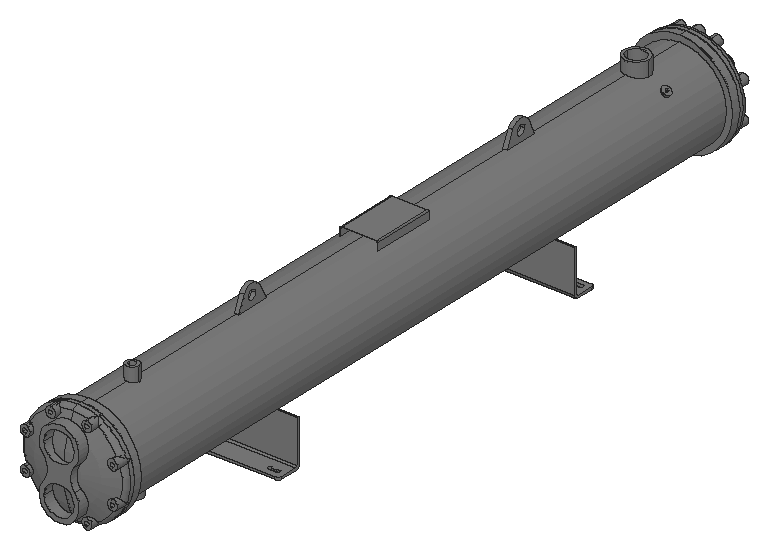
Revit family "MIT-BC_265_4P", category Specialty Equipment, Revit 2022
Family settings
  Round Connector Dimension = Use Radius
  Part Type = Normal
  Work Plane-Based = No
  Always vertical = Yes
  Cut with Voids When Loaded = No
  Maintain Annotation Orientation = No
  Shared = No
  Room Calculation Point = No
Parameters
  URL = "https://en.ekinendustriyel.com/evaporators-and-condensers"
  Test Pressure = 64.35 bar
  Production Standard = "TS EN 13831"
  Operating Pressure = 45.0 bar
  Model = "MIT-BC 265_4P"
  Manufacturer = "Ekin Endüstriyel"
  Keynote = "Condensers"
  Description = "MIT- Condensers"
  Default Elevation = 0 mm
Reference planes
  plane 1 "Center (Front/Back)": y = 0
  plane 2: z = 0
  plane 3 "Center (Left/Right)": x = 0
Forms (mm)
  Extrusion 1, solid, material "Ekin Endustriyel-S235JR", detail levels medium+fine
    sketch origin (0, 0, 0) x (1, 0, 0) y (0, 0, 1)
      loop
        circle (0, 189.55) r 109.55
    from -880 to 880
  Extrusion 2, solid, material "Ekin Endustriyel-S235JR", detail levels fine
    sketch origin (0, 0, 53.995) x (1, 0, 0) y (0, 0, 1)
      loop
        line (-45, 235.88) -> (-44, 235.88) -> (-44, 252.88)
        arc (-44, 252.88) -> (-43.414, 254.294) -> (-42, 254.88) r 2
        line (-42, 254.88) -> (42, 254.88)
        arc (42, 254.88) -> (43.414, 254.294) -> (44, 252.88) r 2
        line (44, 252.88) -> (44, 235.88) -> (45, 235.88) -> (45, 252.88)
        arc (45, 252.88) -> (44.121, 255.002) -> (42, 255.88) r 3
        line (42, 255.88) -> (-42, 255.88)
        arc (-42, 255.88) -> (-44.121, 255.002) -> (-45, 252.88) r 3
        line (-45, 252.88) -> (-45, 235.88)
    from -75 to 75
  Extrusion 3, solid, material "Ekin Endustriyel-S235JR", detail levels fine
    sketch origin (0, 500.19, 28.671) x (1, 0, 0) y (0, 1, 0)
      loop
        circle (0, 249.81) r 29.75
      loop
        circle (0, 249.81) r 23.144
    from 300.429 to 204.31
  Extrusion 4, solid, material "Ekin Endustriyel-S235JR", detail levels fine
    sketch origin (0, -499.666, 25.55) x (1, 0, 0) y (0, 1, 0)
      loop
        circle (0, -250.334) r 15.25
      loop
        circle (0, -250.334) r 8.928
    from 303.756 to 211.07
  Extrusion 5, solid, material "Ekin Endustriyel-S235JR", detail levels fine
    sketch origin (71.72, 749.856, 264.541) x (0, 1, 0) y (-0.707107, 0, 0.707107)
      loop
        circle (0.144, 9.086) r 11
      loop
        circle (0.144, 9.086) r 4.56
    from 9.086 to -32.02
  Extrusion 6, solid, material "Ekin Endustriyel-S235JR", detail levels fine
    sketch origin (0, -500.291, 0) x (1, 0, 0) y (0, 1, 0)
      loop
        circle (0, -249.709) r 23.75
      loop
        circle (0, -249.709) r 20.109
    from 50 to 169.15
  Extrusion 7, solid, material "Ekin Endustriyel-S235JR", detail levels medium+fine
    sketch origin (0, 1180.334, 12.15) x (1, 0, 0) y (0, 0, 1)
      loop
        circle (0, 164.15) r 100
    from 280.334 to 300.334
  Extrusion 8, solid, material "Ekin Endustriyel-S235JR", detail levels medium+fine
    sketch origin (0, 549.666, 12.15) x (1, 0, 0) y (0, 0, -1)
      loop
        circle (0, -177) r 125
    from 330.334 to 350.334
  Revolve 9, solid, material "Ekin Endustriyel-S235JR", detail levels medium+fine
    sketch origin (0, 549.666, 12.15) x (0, -1, 0) y (0, 0, -1)
      loop
        line (-350.334, -301.755) -> (-350.334, -177.003) -> (-403.289, -177.003)
        arc (-403.289, -177.003) -> (-395.664, -237.012) -> (-374.553, -293.699) r 263.464
        arc (-374.553, -293.699) -> (-369.114, -299.581) -> (-361.403, -301.755) r 14.761
        line (-361.403, -301.755) -> (-350.334, -301.755)
      axis (-350.334, -177.003) -> (-403.289, -177.003)
    angle from 0 to 360
  Extrusion 10, solid, material "Ekin Endustriyel-S235JR", detail levels coarse
    sketch origin (0, 0, 12.15) x (1, 0, 0) y (0, 0, 1)
      loop
        circle (0, 177) r 125
    from -957 to 966.924
  Extrusion 11, solid, material "Ekin Endustriyel-S235JR"
    sketch origin (0, 275.334, 0) x (0, 1, 0) y (0, 0, 1)
      loop
        arc (134.666, 9) -> (137.302, 2.636) -> (143.666, 0) r 9
        line (143.666, 0) -> (194.666, 0) -> (194.666, 5) -> (143.666, 5)
        arc (143.666, 5) -> (140.837, 6.172) -> (139.666, 9) r 4
        line (139.666, 9) -> (139.666, 110) -> (134.666, 110) -> (134.666, 9)
    from -125 to 125
  Extrusion 12, void
    sketch origin (0, 470, 5) x (0, -1, 0) y (1, 0, 0)
      loop
        line (25.25, 88.5) -> (25.25, 108.5)
        arc (25.25, 108.5) -> (20, 113.75) -> (14.75, 108.5) r 5.25
        line (14.75, 108.5) -> (14.75, 88.5)
        arc (14.75, 88.5) -> (20, 83.25) -> (25.25, 88.5) r 5.25
      loop
        line (10, 125) -> (-10, 125) -> (-10, -125) -> (10, -125)
        arc (10, -125) -> (2.929, -122.071) -> (0, -115) r 10
        line (0, -115) -> (0, 115)
        arc (0, 115) -> (2.929, 122.071) -> (10, 125) r 10
      loop
        arc (14.75, -108.5) -> (20, -113.75) -> (25.25, -108.5) r 5.25
        line (25.25, -108.5) -> (25.25, -88.5)
        arc (25.25, -88.5) -> (20, -83.25) -> (14.75, -88.5) r 5.25
        line (14.75, -88.5) -> (14.75, -108.5)
    from -5 to 0
  Extrusion 13, solid, material "Ekin Endustriyel-S235JR"
    sketch origin (0, -275.334, 0) x (0, -1, 0) y (0, 0, -1)
      loop
        line (134.666, -9) -> (134.666, -110) -> (139.666, -110) -> (139.666, -9)
        arc (139.666, -9) -> (140.837, -6.172) -> (143.666, -5) r 4
        line (143.666, -5) -> (194.666, -5) -> (194.666, 0) -> (143.666, 0)
        arc (143.666, 0) -> (137.302, -2.636) -> (134.666, -9) r 9
    from -125 to 125
  Extrusion 14, void
    sketch origin (0, -470, 5) x (0, 1, 0) y (-1, 0, 0)
      loop
        arc (25.25, -88.5) -> (20, -83.25) -> (14.75, -88.5) r 5.25
        line (14.75, -88.5) -> (14.75, -108.5)
        arc (14.75, -108.5) -> (20, -113.75) -> (25.25, -108.5) r 5.25
        line (25.25, -108.5) -> (25.25, -88.5)
      loop
        arc (10, -125) -> (2.929, -122.071) -> (0, -115) r 10
        line (0, -115) -> (0, 115)
        arc (0, 115) -> (2.929, 122.071) -> (10, 125) r 10
        line (10, 125) -> (-10, 125) -> (-10, -125) -> (10, -125)
      loop
        line (14.75, 108.5) -> (14.75, 88.5)
        arc (14.75, 88.5) -> (20, 83.25) -> (25.25, 88.5) r 5.25
        line (25.25, 88.5) -> (25.25, 108.5)
        arc (25.25, 108.5) -> (20, 113.75) -> (14.75, 108.5) r 5.25
    from -5 to 0
  Extrusion 15, solid, material "Ekin Endustriyel-S235JR", detail levels medium+fine
    sketch origin (40, -549.666, 12.133) x (1, 0, 0) y (0, 0, 1)
      loop
        circle (-40, 234.5) r 36.3
      loop
        circle (-40, 119.5) r 36.3
      loop
        arc (-3.858, 150.013) -> (-12.768, 177) -> (-3.858, 203.987) r 45.323
        arc (-3.858, 203.987) -> (-40, 281.8) -> (-76.142, 203.987) r 47.3
        arc (-76.142, 203.987) -> (-67.232, 177) -> (-76.142, 150.013) r 45.323
        arc (-76.142, 150.013) -> (-40, 72.2) -> (-3.858, 150.013) r 47.3
    from 390.526 to 417.259
  Extrusion 16, solid, material "Ekin Endustriyel-S235JR", detail levels medium+fine
    sketch origin (0, 550.334, 12.15) x (1, 0, 0) y (0, 0, 1)
      loop
        circle (-43.117, 280.877) r 12
      loop
        circle (-43.117, 280.877) r 5.497
      loop
        circle (0.148, 285.985) r 12.497
      loop
        circle (0.148, 285.985) r 5.497
      loop
        circle (43.117, 280.877) r 12
      loop
        circle (43.117, 280.877) r 5.497
      loop
        circle (104.001, 219.992) r 12
      loop
        circle (104.001, 219.992) r 5.497
      loop
        circle (104.001, 134.055) r 12
      loop
        circle (104.001, 134.055) r 5.497
      loop
        circle (43.282, 73.179) r 12
      loop
        circle (43.282, 73.179) r 5.497
      loop
        circle (-104.001, 219.992) r 12
      loop
        circle (-104.001, 219.992) r 5.497
      loop
        circle (-104.001, 134.055) r 12
      loop
        circle (-104.001, 134.055) r 5.497
      loop
        circle (-43.282, 73.179) r 12
      loop
        circle (-43.282, 73.179) r 5.497
      loop
        circle (0.148, 67.765) r 12.497
      loop
        circle (0.148, 67.765) r 5.497
    from -387.666 to -367.889
  Extrusion 17, solid, material "Ekin Endustriyel-S235JR", detail levels medium+fine
    sketch origin (0, -549.666, 12.133) x (1, 0, 0) y (0, 0, -1)
      loop
        circle (-43.117, -280.877) r 12
      loop
        circle (-43.117, -280.877) r 5.497
      loop
        circle (43.117, -280.877) r 12
      loop
        circle (43.117, -280.877) r 5.497
      loop
        circle (104.001, -219.992) r 12
      loop
        circle (104.001, -219.992) r 5.497
      loop
        circle (104.001, -134.055) r 12
      loop
        circle (104.001, -134.055) r 5.497
      loop
        circle (43.282, -73.179) r 12
      loop
        circle (43.282, -73.179) r 5.497
      loop
        circle (-104.001, -219.992) r 12
      loop
        circle (-104.001, -219.992) r 5.497
      loop
        circle (-104.001, -134.055) r 12
      loop
        circle (-104.001, -134.055) r 5.497
      loop
        circle (-43.282, -73.179) r 12
      loop
        circle (-43.282, -73.179) r 5.497
    from -388.334 to -355.334
  Extrusion 18, solid, material "Ekin Endustriyel-S235JR", detail levels fine
    sketch origin (0, -0.334, 25.265) x (0, -1, 0) y (0, 0, -1)
      loop
        line (-440.334, -273.721) -> (-422.806, -309.676)
        arc (-422.806, -309.676) -> (-400.334, -323.721) -> (-377.863, -309.676) r 25
        line (-377.863, -309.676) -> (-360.334, -273.721) -> (-440.334, -273.721)
      loop
        circle (-400.334, -298.721) r 12.5
      loop
        line (439.666, -273.721) -> (359.666, -273.721) -> (377.194, -309.676)
        arc (377.194, -309.676) -> (399.666, -323.721) -> (422.137, -309.676) r 25
        line (422.137, -309.676) -> (439.666, -273.721)
      loop
        circle (399.666, -298.721) r 12.5
    from -5 to 5
  Extrusion 19, solid, material "Ekin Endustriyel-S235JR", detail levels medium+fine
    sketch origin (-164.15, 550.334, 176.3) x (0, 0, -1) y (1, 0, 0)
      loop
        circle (-60.178, 211.509) r 20
      loop
        circle (34.988, 116.302) r 17
    from -406.666 to -351.666
  Extrusion 20, solid, material "Ekin Endustriyel-S235JR", detail levels medium+fine
    sketch origin (0, -549.666, 12.133) x (1, 0, 0) y (0, 0, 1)
      loop
        circle (0, 177) r 125
    from 330.334 to 350.334
  Revolve 21, solid, material "Ekin Endustriyel-S235JR", detail levels medium+fine
    sketch origin (0, -549.666, 12.133) x (0, 1, 0) y (0, 0, 1)
      loop
        line (-350.334, 301.755) -> (-361.403, 301.755)
        arc (-361.403, 301.755) -> (-369.114, 299.581) -> (-374.553, 293.699) r 14.761
        arc (-374.553, 293.699) -> (-395.664, 237.012) -> (-403.289, 177.003) r 263.464
        line (-403.289, 177.003) -> (-350.334, 177.003) -> (-350.334, 301.755)
      axis (-350.334, 177.003) -> (-403.289, 177.003)
    angle from 0 to 360
Cuts and joins
  Extrusion 12, Extrusion 14 cuts Extrusion 11
  Extrusion 14 cuts Extrusion 13
Dimensions and locks
  aligned and locked: level to plane 2
Connectors
  piping at (0, -966.924, 246.633), diameter 63.6
    settings: on Extrusion 15, index 1, connector inside diameter 609.6 mm, connector length 0 mm, flow factor 0, pipe flow 0.0 L/s, pressure drop 0.0 Pa, fitting loss kfactor 0, connector angle 0.00°, fixture units 0, engagement length 0 mm, angle of deflection 0.00°, flow configuration 0, flow direction 1, fitting loss method 0, system type 7, joint type 0, gender type 0, connector reference index -1, connector utility 0, adjustable connector no, is connector primary yes, connector description ""
  piping at (0, -966.924, 131.633), diameter 63.6
    settings: on Extrusion 15, index 2, connector inside diameter 609.6 mm, connector length 0 mm, flow factor 0, pipe flow 0.0 L/s, pressure drop 0.0 Pa, fitting loss kfactor 0, connector angle 0.00°, fixture units 0, engagement length 0 mm, angle of deflection 0.00°, flow configuration 0, flow direction 2, fitting loss method 0, system type 7, joint type 0, gender type 0, connector reference index -1, connector utility 0, adjustable connector no, is connector primary no, connector description ""
  hvac at (0, 750, 329.1)
    settings: on Extrusion 3, index 3, duct flow 0.0 L/s, flow factor 0, pres drop 0.0 bar, loss coef 0, conn angle 0.00°, conn width 304.8 mm, conn height 304.8 mm, conn diameter 54 mm, duct sys type 3, conn prof type 0, flow config 0, flow direction 0, loss method 0, conn ref index -1, conn util no, is conn primary yes, conn desc ""
  hvac at (0, -750, 50)
    settings: on Extrusion 6, index 4, duct flow 0.0 L/s, flow factor 0, pres drop 0.0 bar, loss coef 0, conn angle 0.00°, conn width 304.8 mm, conn height 304.8 mm, conn diameter 42 mm, duct sys type 3, conn prof type 0, flow config 0, flow direction 0, loss method 0, conn ref index -1, conn util no, is conn primary no, conn desc ""
